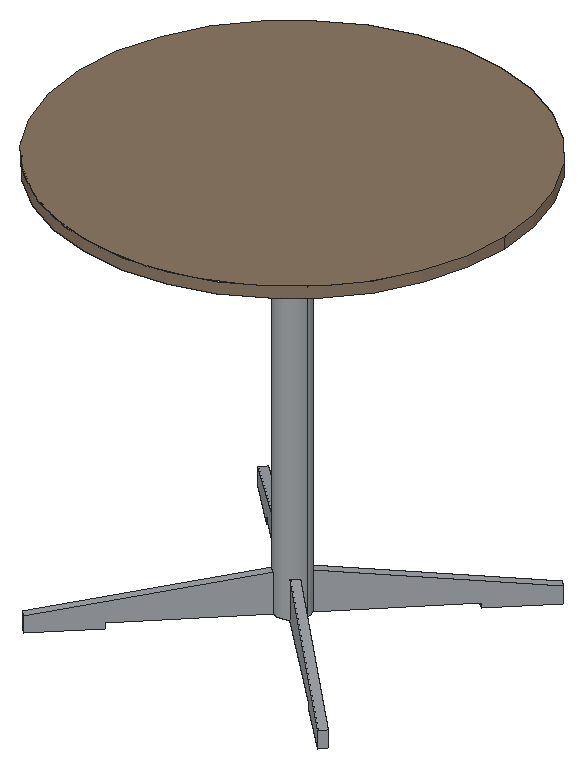
Revit family
Parameters
  URL = "http://www.martinbrattrud.com"
  Table Top [instance] = none
  SCS Certified Product = "Yes"
  Model = "Kurve 481-20CH"
  Manufacturer = "Martin Brattrud, Inc."
  Leg [instance] = none
  Keynote = "125000"
  Copyright = "© 2013 Martin Brattrud, Inc."
  Authoring Version = "Revit Architecture 2010"
  Assembly Code = "E2020200"
Reference planes (in)
  plane 1: z = 0
  plane 2 "Center Left/Right": x = 0
  plane 3: y = 0.07212
  plane 4: z = 0
Forms (in)
  Extrusion 1, solid, material <- "Leg"
    sketch origin (0, 0, 0) x (1, 0, 0) y (0, 1, 0)
      loop
        circle (0, 0) r 0.75
    from 0.25 to 18.625
  Extrusion 2, solid, material <- "Leg"
    sketch origin (0.03606, -0.01494, 0) x (-0.707107, 0.707107, 0) y (0, 0, 1)
      loop
        line (10, 0) -> (10, 0.75) -> (0.75, 1.99519) -> (0.75, 0.25) -> (7, 0.25) -> (7, 0) -> (10, 0)
      loop
        line (-9.89801, 0) -> (-6.89801, 0) -> (-6.89801, 0.25) -> (-0.64801, 0.25) -> (-0.64801, 1.99519) -> (-9.89801, 0.75) -> (-9.89801, 0)
    from -0.1875 to 0.1875
  Extrusion 3, solid, material <- "Leg"
    sketch origin (0.03606, 0.05718, 0) x (-0.707107, -0.707107, 0) y (0, 0, 1)
      loop
        line (10, 0) -> (10, 0.75) -> (0.75, 1.99519) -> (0.75, 0.25) -> (7, 0.25) -> (7, 0) -> (10, 0)
      loop
        line (-9.89801, 0) -> (-6.89801, 0) -> (-6.89801, 0.25) -> (-0.64801, 0.25) -> (-0.64801, 1.99519) -> (-9.89801, 0.75) -> (-9.89801, 0)
    from -0.1875 to 0.1875
  Revolve 4, solid, material <- "Leg"
    sketch origin (0, 0, 4) x (0, 1, 0) y (0, 0, 1)
      loop
        line (3, 15) -> (0, 15) -> (0, 14.625) -> (2.75, 14.625) -> (3, 15)
      axis (0, 14.625) -> (0, 15)
    angle from 0 to 360
  Extrusion 5, solid, material <- "Table Top"
    sketch origin (0, 0, 4) x (1, 0, 0) y (0, 1, 0)
      loop
        circle (0, 0) r 10
    from 15 to 15.5
